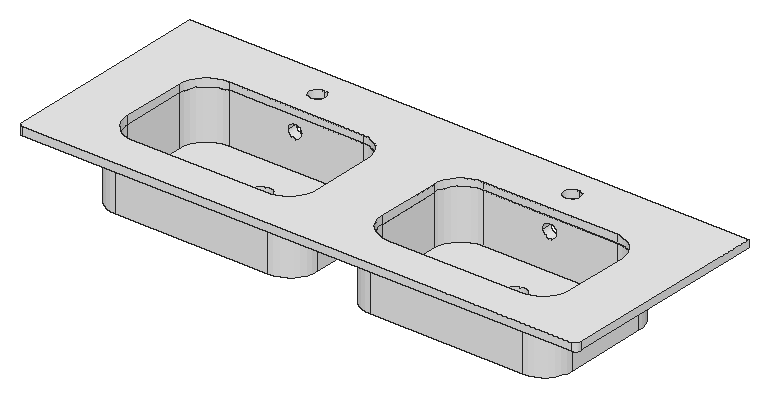
Revit family "OnSoft1200D", category Furniture, Revit 2019
Family settings
  OmniClass Number = 23.40.20.00
  OmniClass Title = General Furniture and Specialties
  Work Plane-Based = No
  Always vertical = Yes
  Cut with Voids When Loaded = No
  Shared = No
  Room Calculation Point = No
Parameters (values of type "OnSoft1200D")
  Width ho = 410 mm
  Width = 1212 mm
  URL = "www.hafa.se"
  Surface finish = Porcelain
  Model = "OnSoft"
  GTIN = "7330027106984"
  Depth = 465 mm
  Art.No = "1273164"
Reference planes
  plane 1 "Center (Front/Back)": y = 0
  plane 2: z = 0
  plane 3 "Center (Left/Right)": x = 0
Forms (mm)
  Extrusion 1, solid, material "Porcelain" <- "Surface finish"
    sketch origin (0, 0, 0) x (1, 0, 0) y (0, 1, 0)
      loop
        line (-606, 232.5) -> (-606, -222.5)
        arc (-606, -222.5) -> (-603.071, -229.571) -> (-596, -232.5) r 10
        line (-596, -232.5) -> (596.202, -232.5)
        arc (596.202, -232.5) -> (603.948, -228.825) -> (606, -220.5) r 10
        line (606, -220.5) -> (606, 232.5) -> (-606, 232.5)
    from 0 to 16
  Extrusion 2, solid, material "Porcelain" <- "Surface finish"
    sketch origin (0, 0, 0) x (1, 0, 0) y (0, 1, 0)
      loop
        arc (-441, 127.5) -> (-483.426, 109.926) -> (-501, 67.5) r 60
        line (-501, 67.5) -> (-501, -112.5)
        arc (-501, -112.5) -> (-483.426, -154.926) -> (-441, -172.5) r 60
        line (-441, -172.5) -> (-111, -172.5)
        arc (-111, -172.5) -> (-68.574, -154.926) -> (-51, -112.5) r 60
        line (-51, -112.5) -> (-51, 67.5)
        arc (-51, 67.5) -> (-68.574, 109.926) -> (-111, 127.5) r 60
        line (-111, 127.5) -> (-441, 127.5)
      loop
        arc (111, 127.5) -> (68.574, 109.926) -> (51, 67.5) r 60
        line (51, 67.5) -> (51, -112.5)
        arc (51, -112.5) -> (68.574, -154.926) -> (111, -172.5) r 60
        line (111, -172.5) -> (441, -172.5)
        arc (441, -172.5) -> (483.426, -154.926) -> (501, -112.5) r 60
        line (501, -112.5) -> (501, 67.5)
        arc (501, 67.5) -> (483.426, 109.926) -> (441, 127.5) r 60
        line (441, 127.5) -> (111, 127.5)
    from 0 to -125
  Extrusion 3, void
    sketch origin (0, 0, 16) x (0, 1, 0) y (1, 0, 0)
      loop
        line (107.5, -421) -> (107.5, -131)
        arc (107.5, -131) -> (89.926, -88.574) -> (47.5, -71) r 60
        line (47.5, -71) -> (-92.5, -71)
        arc (-92.5, -71) -> (-134.926, -88.574) -> (-152.5, -131) r 60
        line (-152.5, -131) -> (-152.5, -421)
        arc (-152.5, -421) -> (-134.926, -463.426) -> (-92.5, -481) r 60
        line (-92.5, -481) -> (47.5, -481)
        arc (47.5, -481) -> (89.926, -463.426) -> (107.5, -421) r 60
      loop
        line (107.5, 131) -> (107.5, 421)
        arc (107.5, 421) -> (89.926, 463.426) -> (47.5, 481) r 60
        line (47.5, 481) -> (-92.5, 481)
        arc (-92.5, 481) -> (-134.926, 463.426) -> (-152.5, 421) r 60
        line (-152.5, 421) -> (-152.5, 131)
        arc (-152.5, 131) -> (-134.926, 88.574) -> (-92.5, 71) r 60
        line (-92.5, 71) -> (47.5, 71)
        arc (47.5, 71) -> (89.926, 88.574) -> (107.5, 131) r 60
    from 0 to 124
  Extrusion 4, void
    sketch origin (0, 0, 16) x (0, 1, 0) y (1, 0, 0)
      loop
        circle (167.5, -276) r 17.5
      loop
        circle (167.5, 276) r 17.5
    from 0 to 25
  Extrusion 5, void
    sketch origin (0, 0, -108) x (-1, 0, 0) y (0, 1, 0)
      loop
        circle (276, 12.5) r 23
      loop
        circle (-276, 12.5) r 23
    from 0 to 25
  Extrusion 6, void
    sketch origin (-481, 107.5, 16) x (-1, 0, 0) y (0, 0, 1)
      loop
        circle (-757, -45.192) r 15
      loop
        circle (-205, -45.192) r 15
    from 0 to 25
Cuts and joins
  Extrusion 3, Extrusion 4 cuts Extrusion 1
  Extrusion 3, Extrusion 5, Extrusion 6 cuts Extrusion 2
Lines and regions (mm)
  reference lines
    curve 1: line (-606, 232.5, 0) -> (606, 232.5, 0)
    curve 2: line (-606, -232.5, 0) -> (-606, 232.5, 0)
    curve 3: line (606, -232.5, 0) -> (-606, -232.5, 0)
    curve 4: line (606, 232.5, 0) -> (606, -232.5, 0)
    curve 5: line (276, 441.747, 0) -> (276, -738.253, 0)
    curve 6: line (-276, 441.747, 0) -> (-276, -538.253, 0)
    curve 7: line (-481, 107.5, 0) -> (-71, 107.5, 0)
    curve 8: line (-481, -152.5, 0) -> (-481, 107.5, 0)
    curve 9: line (-71, -152.5, 0) -> (-481, -152.5, 0)
    curve 10: line (-71, 107.5, 0) -> (-71, -152.5, 0)
    curve 11: line (71, 107.5, 0) -> (481, 107.5, 0)
    curve 12: line (71, -152.5, 0) -> (71, 107.5, 0)
    curve 13: line (481, -152.5, 0) -> (71, -152.5, 0)
    curve 14: line (481, 107.5, 0) -> (481, -152.5, 0)
    curve 15: line (-606, 167.5, 0) -> (606, 167.5, 0)
    curve 16: line (-606, 12.5, 0) -> (606, 12.5, 0)
    curve 17: line (276, 0, 57.581) -> (276, 0, -222.419)
    curve 18: line (-276, 0, 57.581) -> (-276, 0, -162.419)
    curve 19: line (539.765, 0, -29.192) -> (-560.235, 0, -29.192)
Dimensions and locks
  "Depth": curve 3 to curve 1
  "Width": curve 2 to curve 4
  equal spacing: curve 2, plane 3 "Center (Left/Right)", curve 4
  equal spacing: curve 3, plane 1 "Center (Front/Back)", curve 1, locked at 232.5 each
  curve 7 to Extrusion 1 = 125 mm
  locked: Extrusion 1 to curve 11 at 125
  "Width ho": curve 8 to curve 10
  equal spacing: curve 8, curve 6, curve 10, locked at 205 each
  "Width ho": curve 12 to curve 14
  equal spacing: curve 12, curve 5, curve 14, locked at 205 each
  locked: Extrusion 1 to curve 6 at 330
  locked: curve 5 to Extrusion 1 at 330
  locked: curve 13 to curve 11 at 260
  locked: curve 9 to curve 7 at 260
  locked: curve 7 to Extrusion 2 sketch curve at 20
  locked: Extrusion 2 sketch curve to curve 8 at 20
  locked: curve 10 to Extrusion 2 sketch curve at 20
  locked: curve 9 to Extrusion 2 sketch curve at 20
  locked: Extrusion 2 sketch curve to curve 12 at 20
  locked: curve 14 to Extrusion 2 sketch curve at 20
  cut or joined group of Extrusion 1, Extrusion 3, Extrusion 4 to cut or joined group of Extrusion 1, Extrusion 3, Extrusion 4 = 0 mm
  locked: Extrusion 4 sketch curve to curve 6
  locked: curve 5 to Extrusion 4 sketch curve
  locked: Extrusion 5 sketch curve to curve 6
  locked: Extrusion 5 sketch curve to curve 5
  locked: curve 19 to cut or joined group of Extrusion 1, Extrusion 3, Extrusion 4 at 45.192
  locked: cut or joined group of Extrusion 1, Extrusion 3, Extrusion 4 to curve 18 at 0
  locked: curve 17 to cut or joined group of Extrusion 1, Extrusion 3, Extrusion 4 at 0
  locked: Extrusion 6 sketch curve to curve 17 at 0
  locked: Extrusion 6 sketch curve to curve 18 at 0
  aligned and locked: level to plane 2
  aligned and locked: Extrusion 1 sketch curve to curve 1
  aligned and locked: curve 2 to Extrusion 1 sketch curve
  aligned and locked: curve 3 to Extrusion 1 sketch curve
  aligned and locked: Extrusion 1 sketch curve to curve 4
  aligned and locked: curve 7 to Extrusion 3 sketch curve
  aligned and locked: curve 8 to Extrusion 3 sketch curve
  aligned and locked: curve 9 to Extrusion 3 sketch curve
  aligned and locked: curve 10 to Extrusion 3 sketch curve
  aligned and locked: curve 11 to Extrusion 3 sketch curve
  aligned and locked: curve 12 to Extrusion 3 sketch curve
  aligned and locked: curve 13 to Extrusion 3 sketch curve
  aligned and locked: curve 14 to Extrusion 3 sketch curve
Automatic sketch dimensions
  Extrusion 1 sketch curve to Extrusion 1 sketch curve = 10 mm  (x2)
  Extrusion 1 sketch curve to Extrusion 1 sketch curve = 12 mm
  Extrusion 2 sketch curve to Extrusion 2 sketch curve = 60 mm  (x8)
  plane 1 "Center (Front/Back)" to Extrusion 2 sketch curve = 172.5 mm
  Extrusion 2 sketch curve to plane 1 "Center (Front/Back)" = 67.5 mm
  Extrusion 3 sketch curve to Extrusion 3 sketch curve = 60 mm  (x8)
  curve 2 to curve 8 = 125 mm
  plane 3 "Center (Left/Right)" to curve 11 = 71 mm
  plane 1 "Center (Front/Back)" to curve 9 = 152.5 mm
  curve 3 to curve 13 = 80 mm
  curve 16 to plane 1 "Center (Front/Back)" = 12.5 mm
  curve 6 to curve 8 = 385.753 mm
  curve 5 to curve 6 = 200 mm
  curve 15 to curve 1 = 65 mm
  curve 1 to curve 5 = 209.247 mm
  curve 1 to curve 6 = 209.247 mm
  Extrusion 4 sketch curve to Extrusion 1 = 65 mm  (x2)
  Extrusion 5 sketch curve to Extrusion 3 = 95 mm  (x2)
  curve 19 to level = 29.192 mm
  curve 19 to plane 3 "Center (Left/Right)" = 560.235 mm
  level to curve 18 = 57.581 mm
  curve 19 to curve 18 = 284.235 mm
  plane 3 "Center (Left/Right)" to curve 17 = 276 mm
  curve 17 to curve 19 = 263.765 mm
  curve 18 to level = 162.419 mm
  curve 17 to level = 222.419 mm
  level to curve 17 = 57.581 mm
  Extrusion 3 to Extrusion 6 sketch curve = 45.192 mm  (x2)
  radius of Extrusion 4 sketch curve = 17.5 mm  (x2)
  radius of Extrusion 5 sketch curve = 23 mm  (x2)
  radius of Extrusion 6 sketch curve = 15 mm  (x2)
